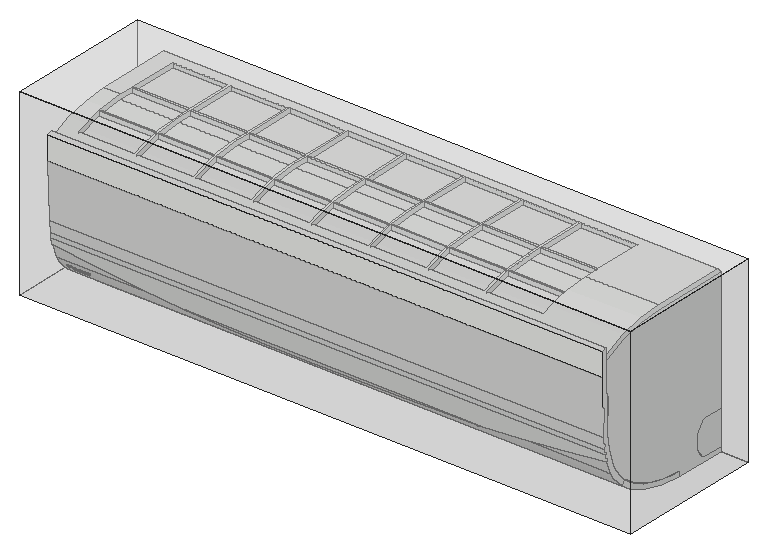
Revit family "outputfile", category 機械設備, Revit 2024
Family settings
  丸型コネクタ寸法 = 半径を使用
  パーツ タイプ = 標準
  OmniClass 番号 = 23.75.10.24.21.27.27
  OmniClass タイトル = Split System Air Conditioning Units
  作業面ベース = いいえ
  常に垂直 = はい
  ロード時にボイドで切り取り = いいえ
  注釈の向きを維持 = いいえ
  共有 = いいえ
  部屋計算ポイント = いいえ
Parameters (values of type "CTKC50SVMV")
  Description = ""
  書き出し IFC クラス(タイプ) = "IfcUnitaryEquipmentType"
  定義済み IFC タイプ(タイプ) = "AIRCONDITIONINGUNIT"
  Cost = 0
  Type Comments = ""
  Keynote = ""
  Type Image = (empty or 0)
  Assembly Code = ""
  w_wall hole = if(Width = 770.0 mm, 48.0 mm, 60.0 mm)  # 60.0 mm
  製造元 = "Daikin"
  モデル = "CTKC50SVMV"
  switch_frequency = yes
  r_Liquid Pipe Size = Liquid Pipe Size / 2  # 3.2 mm
  r_Gas Pipe Size = Gas Pipe Size / 2  # 6.35 mm
  r_Drain Pipe Size = Drain Pipe Size / 2  # 8.0 mm
  lw_powersupply [instance] = if(Width = 770.0 mm, if(or(Rear Right Connection_refrigerant, Bottom Right Connection_refrigerant), 25.0 mm, if(or(Rear Left Connection_refrigerant, Bottom Left Connection_refrigerant), 745.0 mm, 400.0 mm)), if(Width = 990.0 mm, if(or(Rear Right Connection_refrigerant, Bottom Right Connection_refrigerant), 40.0 mm, if(or(Rear Left Connection_refrigerant, Bottom Left Connection_refrigerant), 920.0 mm, 400.0 mm)), if(or(Rear Right Connection_refrigerant, Bottom Right Connection_refrigerant), 40.0 mm, if(or(Rear Left Connection_refrigerant, Bottom Left Connection_refrigerant), 920.0 mm, 400.0 mm))))  # 400.0 mm
  lw_liquidpipe [instance] = if(Width = 770.0 mm, if(or(Rear Right Connection_refrigerant, Bottom Right Connection_refrigerant), 0.0 mm, if(or(Rear Left Connection_refrigerant, Bottom Left Connection_refrigerant), 664.0 mm, 385.0 mm)), if(Width = 990.0 mm, if(or(Rear Right Connection_refrigerant, Bottom Right Connection_refrigerant), 0.0 mm, if(or(Rear Left Connection_refrigerant, Bottom Left Connection_refrigerant), 664.0 mm + (990.0 mm - 770.0 mm), 475.0 mm)), if(or(Rear Right Connection_refrigerant, Bottom Right Connection_refrigerant), 0.0 mm, if(or(Rear Left Connection_refrigerant, Bottom Left Connection_refrigerant), 664.0 mm + (990.0 mm - 770.0 mm), 475.0 mm))))  # 475.0 mm
  lw_gaspipe [instance] = if(Width = 770.0 mm, if(or(Rear Right Connection_refrigerant, Bottom Right Connection_refrigerant), 0.0 mm, if(or(Rear Left Connection_refrigerant, Bottom Left Connection_refrigerant), 675.0 mm, if(Gas Pipe Size = 12.7 mm, 345.0 mm, 335.0 mm))), if(Width = 990.0 mm, if(or(Rear Right Connection_refrigerant, Bottom Right Connection_refrigerant), 10.0 mm, if(or(Rear Left Connection_refrigerant, Bottom Left Connection_refrigerant), 890.0 mm, if(Gas Pipe Size = 15.9 mm, 410.0 mm, 400.0 mm))), if(or(Rear Right Connection_refrigerant, Bottom Right Connection_refrigerant), 10.0 mm, if(or(Rear Left Connection_refrigerant, Bottom Left Connection_refrigerant), 890.0 mm, if(Gas Pipe Size = 15.9 mm, 410.0 mm, 400.0 mm)))))  # 400.0 mm
  lw_drainpipe [instance] = if(Width = 770.0 mm, if(or(Rear Right Connection_refrigerant, Bottom Right Connection_refrigerant), 0.0 mm, if(or(Rear Left Connection_refrigerant, Bottom Left Connection_refrigerant), 770.0 mm - 48.0 mm - 48.0 mm, 440.0 mm)), if(Width = 990.0 mm, if(or(Rear Right Connection_refrigerant, Bottom Right Connection_refrigerant), 0.0 mm, if(or(Rear Left Connection_refrigerant, Bottom Left Connection_refrigerant), 675.0 mm + (990.0 mm - 770.0 mm), 435.0 mm)), if(or(Rear Right Connection_refrigerant, Bottom Right Connection_refrigerant), 0.0 mm, if(or(Rear Left Connection_refrigerant, Bottom Left Connection_refrigerant), 675.0 mm + (990.0 mm - 770.0 mm), 435.0 mm))))  # 435.0 mm
  l_powersupply_length [instance] = if(Width = 770.0 mm, if(Right Connection_refrigerant, 400.0 mm, if(Left Connection_refrigerant, 770.0 mm - 400.0 mm, if(or(Rear Left Connection_refrigerant, Rear Right Connection_refrigerant), 15.0 mm, 50.0 mm))), if(Width = 990.0 mm, if(Right Connection_refrigerant, 400.0 mm, if(Left Connection_refrigerant, 990.0 mm - 400.0 mm, if(or(Rear Left Connection_refrigerant, Rear Right Connection_refrigerant), 15.0 mm, 50.0 mm))), if(Right Connection_refrigerant, 400.0 mm, if(Left Connection_refrigerant, 990.0 mm - 400.0 mm, if(or(Rear Left Connection_refrigerant, Rear Right Connection_refrigerant), 15.0 mm, 50.0 mm)))))  # 400.0 mm
  l_liquidpipe_length [instance] = if(Width = 770.0 mm, if(Right Connection_refrigerant, 433.0 mm, if(Left Connection_refrigerant, 337.0 mm, if(or(Rear Left Connection_refrigerant, Rear Right Connection_refrigerant), 30.0 mm, 40.0 mm))), if(Width = 990.0 mm, if(Right Connection_refrigerant, 535.0 mm, if(Left Connection_refrigerant, 455.0 mm, if(or(Rear Left Connection_refrigerant, Rear Right Connection_refrigerant), 30.0 mm, 40.0 mm))), if(Right Connection_refrigerant, 535.0 mm, if(Left Connection_refrigerant, 455.0 mm, if(or(Rear Left Connection_refrigerant, Rear Right Connection_refrigerant), 30.0 mm, 40.0 mm)))))  # 535.0 mm
  l_gaspipe_length [instance] = if(Width = 770.0 mm, if(Right Connection_refrigerant, if(Gas Pipe Size = 12.7 mm, 393.0 mm, 383.0 mm), if(Left Connection_refrigerant, if(Gas Pipe Size = 12.7 mm, 770.0 mm - 393.0 mm, 770.0 mm - 383.0 mm), if(or(Rear Left Connection_refrigerant, Rear Right Connection_refrigerant), 40.0 mm, 50.0 mm))), if(Width = 990.0 mm, if(Right Connection_refrigerant, if(Gas Pipe Size = 15.9 mm, 470.0 mm, 460.0 mm), if(Left Connection_refrigerant, if(Gas Pipe Size = 15.9 mm, 990.0 mm - 470.0 mm, 990.0 mm - 460.0 mm), if(or(Rear Left Connection_refrigerant, Rear Right Connection_refrigerant), 40.0 mm, 50.0 mm))), if(Right Connection_refrigerant, if(Gas Pipe Size = 15.9 mm, 470.0 mm, 460.0 mm), if(Left Connection_refrigerant, if(Gas Pipe Size = 15.9 mm, 990.0 mm - 470.0 mm, 990.0 mm - 460.0 mm), if(or(Rear Left Connection_refrigerant, Rear Right Connection_refrigerant), 40.0 mm, 50.0 mm)))))  # 460.0 mm
  l_drainpipe_length [instance] = if(Width = 770.0 mm, if(Right Connection_refrigerant, 488.0 mm, if(Left Connection_refrigerant, 282.0 mm, if(or(Rear Left Connection_refrigerant, Rear Right Connection_refrigerant), 15.0 mm, 20.0 mm))), if(Width = 990.0 mm, if(Right Connection_refrigerant, 495.0 mm, if(Left Connection_refrigerant, 495.0 mm, if(or(Rear Left Connection_refrigerant, Rear Right Connection_refrigerant), 15.0 mm, 20.0 mm))), if(Right Connection_refrigerant, 495.0 mm, if(Left Connection_refrigerant, 495.0 mm, if(or(Rear Left Connection_refrigerant, Rear Right Connection_refrigerant), 15.0 mm, 20.0 mm)))))  # 495.0 mm
  h*** = 0.0 mm  # constant formula
  connector_voltage = Voltage_50Hz  # 230 V
  connector_powerinput = [Power Input (Cooling)]  # 0.000 kW
  connector_phase = Phase_50Hz  # 1
  angle_vertical [instance] = if(or(Bottom Left Connection_refrigerant, Bottom Right Connection_refrigerant), 0.00°, 90.00°)  # 90.00°
  angle_horizontal [instance] = if(Right Connection_refrigerant, 90.00°, if(Left Connection_refrigerant, -90.00°, if(or(Rear Left Connection_refrigerant, Rear Right Connection_refrigerant), 180.00°, 0.00°)))  # 90.00°
  Width = 990.0 mm
  Voltage_comment_50Hz = "220 - 240"
  Voltage_50Hz = 230 V
  Version = "ver.1.0"
  Unit Type = "Wall Mounted"
  Unit Mass Weight = 12.00 kg
  Unit Designation [instance] = ""
  Uniclass2015Version = "Products v1.30"
  Uniclass2015Title = "Split coil room air conditioning units"
  Uniclass2015Code = "Pr_70_65_03_86"
  URL = ""
  Total Cooling Capacity [instance] = 0.000 kW
  Sound Pressure Level_M speed (dBA) = 40
  Sound Pressure Level_L speed (dBA) = 35
  Sound Pressure Level_H speed (dBA) = 44
  Sound Power Level_H speed (dB) = 0
  Series = "Multi Split_Fan Coil Unit"
  Sensible Cooling Capacity [instance] = 0.000 kW
  Refrigerant Type = "R32"
  Power Input (Cooling) = 0.000 kW
  Phase_50Hz = 1
  Option Accessory 3 [instance] = ""
  Option Accessory 2 [instance] = ""
  Option Accessory 1 [instance] = ""
  Nominal Cooling Capacity = 5.000 kW
  Minimum Circuit Amps_50Hz = 0.0 A
  Minimum Airflow = 900.00 m³/h
  Median Airflow = 1030.00 m³/h
  Maximum Fuse Amps_50Hz = 0.0 A
  Maximum Airflow = 1150.00 m³/h
  Material_Casing = DAIKIN_White_Casing_indoorunit
  Load Classification = HVAC
  Liquid Pipe Size = 6.4 mm
  Link_Nested Family [instance] = ""
  IfcVersion = ""
  IfcExportType = "AIRCONDITIONINGUNIT"
  IfcExportAs = "IfcUnitaryEquipmentType"
  Height = 295.0 mm
  Heat Exchanger Type = "Cross Fin Coil"
  Gas Pipe Size = 12.7 mm
  Frequency_50Hz = 50 Hz
  Fan Type = "Cross Flow Fan"
  Fan Drive = "Direct Drive"
  FCU Tag No. [instance] = ""
  Drain Pipe Size = 16.0 mm
  Design Supply Airflow [instance] = 0.00 m³/h
  Depth = 263.0 mm
  既定の高さ = 0.0 mm
  Cooling Entering Wet Bulb Temperature [instance] = 0.00 °C
  Cooling Entering Dry Bulb Temperature [instance] = 0.00 °C
  Cooling Ambient Wet Bulb Temperature [instance] = 0.00 °C
  Cooling Ambient Dry Bulb Temperature [instance] = 0.00 °C
  Clearance visibility [instance] = yes
  Clearance Top = 30.0 mm
  Clearance Right = 50.0 mm
  Clearance Rear = 0.0 mm
  Clearance Left = 50.0 mm
  Clearance Front = 0.0 mm
  Clearance Bottom = 0.0 mm
  Bottom Right Connection_refrigerant [instance] = no
  Bottom Left Connection_refrigerant [instance] = no
  Rear Right Connection_refrigerant [instance] = no
  Rear Left Connection_refrigerant [instance] = no
  Right Connection_refrigerant [instance] = yes
  Left Connection_refrigerant [instance] = no
Reference planes
  plane 1 "Back": y = 0
  plane 2: z = 0
  plane 3 "Center (Left/Right)": x = 0
  plane 4 "Center (Front/Back)": y = -131.5
  plane 5 "Front": y = -263
  plane 6 "Left": x = -495
  plane 7 "Right": x = 495
  plane 8 "Top": z = 0
  plane 9 "Bottom": z = -295
  plane 10: x = -545
  plane 11: x = 545
  plane 12: y = 0
  plane 13: y = -263
  plane 14: z = 30
  plane 15: z = -295
  plane 16 "lw_Piping and Wiring intake": x = 435
  plane 17 "lw_gaspipe": x = 35
  plane 18 "lw_liquidpipe": x = -40
  plane 19 "lw_drainpipe": x = 0
  plane 20 "lh_drainpipe": z = -275
  plane 21 "lh_liquidpipe": z = -255
  plane 22 "lh_gaspipe": z = -245
  plane 23 "ld_drainpipe": y = -15
  plane 24 "ld_liquidpipe": y = -30
  plane 25 "ld_gaspipe": y = -40
  plane 26 "lw_powersupply": x = 95
Dimensions and locks
  equal spacing: plane 6 "Left", plane 3 "Center (Left/Right)", plane 7 "Right"
  "Width": plane 6 "Left" to plane 7 "Right"
  equal spacing: plane 5 "Front", plane 4 "Center (Front/Back)", plane 1 "Back"
  "Depth": plane 5 "Front" to plane 1 "Back"
  "Height": plane 8 "Top" to plane 9 "Bottom"
  "Clearance Rear": plane 12 to plane 1 "Back"
  "Clearance Front": plane 13 to plane 5 "Front"
  "Clearance Top": plane 14 to plane 8 "Top"
  "Clearance Bottom": plane 9 "Bottom" to plane 15
  "w_wall hole": plane 16 "lw_Piping and Wiring intake" to plane 7 "Right"
  "lw_gaspipe": plane 17 "lw_gaspipe" to plane 16 "lw_Piping and Wiring intake"
  "lw_liquidpipe": plane 18 "lw_liquidpipe" to plane 16 "lw_Piping and Wiring intake"
  "lw_drainpipe": plane 19 "lw_drainpipe" to plane 16 "lw_Piping and Wiring intake"
  locked: plane 20 "lh_drainpipe" to plane 9 "Bottom" at 20
  locked: plane 21 "lh_liquidpipe" to plane 9 "Bottom" at 40
  locked: plane 22 "lh_gaspipe" to plane 9 "Bottom" at 50
  locked: plane 23 "ld_drainpipe" to plane 1 "Back" at 15
  locked: plane 1 "Back" to plane 24 "ld_liquidpipe" at 30
  locked: plane 1 "Back" to plane 25 "ld_gaspipe" at 40
  "lw_powersupply": plane 26 "lw_powersupply" to plane 7 "Right"
  "Clearance Right": plane 7 "Right" to plane 11
  "Clearance Left": plane 10 to plane 6 "Left"
  aligned and locked: level to plane 2
  aligned and locked: plane 12 to nested 1
  aligned and locked: nested 1 to plane 13
  aligned and locked: plane 10 to nested 1
  aligned and locked: plane 11 to nested 1
  aligned and locked: plane 15 to nested 1
  aligned and locked: plane 14 to nested 1
  aligned and locked: plane 17 "lw_gaspipe" to nested 2
  aligned and locked: nested 2 to plane 25 "ld_gaspipe"
  aligned and locked: plane 18 "lw_liquidpipe" to nested 3
  aligned and locked: nested 3 to plane 24 "ld_liquidpipe"
  aligned and locked: plane 19 "lw_drainpipe" to nested 4
  aligned and locked: nested 4 to plane 23 "ld_drainpipe"
  aligned and locked: nested 5 to plane 23 "ld_drainpipe"
  aligned and locked: plane 26 "lw_powersupply" to nested 5
  aligned and locked: level to plane 8 "Top"
  aligned and locked: plane 3 "Center (Left/Right)" to nested 6
  aligned and locked: plane 1 "Back" to nested 6
  aligned and locked: plane 8 "Top" to nested 6
Nested families
  nested 1: "daikin_clearancespace" at (0, -131.5, -132.381), show <- "Clearance visibility", visible <- "Clearance visibility", Link_Nested Family <- "Link_Nested Family", type "daikin_clearancespace"
    with width 1090.0 mm, show yes, height 325.0 mm, depth 263.0 mm, Link_Nested Family ""
  nested 2: "daikin_connector_rotate3" at (35, -40, -245), angle_vertical <- "angle_vertical", angle_horizontal <- "angle_horizontal", length <- "l_gaspipe_length", radius <- "r_Gas Pipe Size", type "daikin_connector_rotate3"
    with show no, radius 6.35 mm, length 460.0 mm, angle_vertical 90.00°, angle_horizontal 90.00°
  nested 3: "daikin_connector_rotate3" at (-40, -30, -255), angle_vertical <- "angle_vertical", angle_horizontal <- "angle_horizontal", radius <- "r_Liquid Pipe Size", length <- "l_liquidpipe_length", type "daikin_connector_rotate3"
    with show no, radius 3.2 mm, length 535.0 mm, angle_vertical 90.00°, angle_horizontal 90.00°
  nested 4: "daikin_connector_rotate3" at (0, -15, -275), angle_vertical <- "angle_vertical", angle_horizontal <- "angle_horizontal", length <- "l_drainpipe_length", radius <- "r_Drain Pipe Size", type "daikin_connector_rotate3"
    with show no, radius 8.0 mm, length 495.0 mm, angle_vertical 90.00°, angle_horizontal 90.00°
  nested 5: "daikin_connector_rotate3" at (95, -15, -245), angle_vertical <- "angle_vertical", angle_horizontal <- "angle_horizontal", length <- "l_powersupply_length", type "daikin_connector_rotate3"
    with show no, radius 10.0 mm, length 400.0 mm, angle_vertical 90.00°, angle_horizontal 90.00°
  nested 6: "DAIKIN_indoorunit_CTKC-SVMV" at (-31, 0, 0), type "CTKC-SVMV"
Connectors
  piping at (495, -40, -245), diameter 12.7, driven by "r_Gas Pipe Size"
    settings: on nested 2, index 1, connector inside diameter 609.6 mm, connector length 0.0 mm, flow factor 0, pipe flow 0.00 m³/h, pressure drop 0.0 Pa, fitting loss kfactor 0, connector angle 0.00°, fixture units 0, engagement length 0.0 mm, angle of deflection 0.00°, flow configuration 1, flow direction 2, fitting loss method 0, system type 29, joint type 0, gender type 0, connector reference index -1, connector utility 0, adjustable connector no, is connector primary yes, connector description "Refrigerant Gas Piping"
  piping at (495, -30, -255), diameter 6.4, driven by "r_Liquid Pipe Size"
    settings: on nested 3, index 2, connector inside diameter 609.6 mm, connector length 0.0 mm, flow factor 0, pipe flow 0.00 m³/h, pressure drop 0.0 Pa, fitting loss kfactor 0, connector angle 0.00°, fixture units 0, engagement length 0.0 mm, angle of deflection 0.00°, flow configuration 1, flow direction 1, fitting loss method 0, system type 29, joint type 0, gender type 0, connector reference index -1, connector utility 0, adjustable connector no, is connector primary no, connector description "Refrigerant Liquid Piping"
  piping at (495, -15, -275), diameter 16, driven by "r_Drain Pipe Size"
    settings: on nested 4, index 3, connector inside diameter 609.6 mm, connector length 0.0 mm, flow factor 0, pipe flow 0.00 m³/h, pressure drop 0.0 Pa, fitting loss kfactor 0, connector angle 0.00°, fixture units 0, engagement length 0.0 mm, angle of deflection 0.00°, flow configuration 1, flow direction 2, fitting loss method 4, system type 16, joint type 0, gender type 0, connector reference index -1, connector utility 0, adjustable connector no, is connector primary no, connector description "Condensate Drain Piping"
  electrical at (495, -15, -245), driven by "Load Classification", driven by "connector_voltage", driven by "connector_powerinput", driven by "connector_phase"
    settings: on nested 5, index 4, voltage 230 V, apparent load 0 VA, apparent load phase1 0 VA, apparent load phase2 0 VA, apparent load phase3 0 VA, power factor 1, load classification "HVAC", number of poles 1, system type 30, power factor state 1, is connector primary yes, connector utility no, sub classification motor no, connector description "Power Supply"
Definition of nested family "daikin_clearancespace"
  Parameters (values of type "daikin_clearancespace")
    Description = "daikin_clearancespace"
    width [instance] = 1823.963 mm
    show [instance] = yes
    material = none
    height [instance] = 1359.762 mm
    depth [instance] = 880.0 mm
    Default Elevation = 0.0 mm
    Link_Nested Family [instance] = ""
  Reference planes
    plane 1 "Center (Front/Back)": y = 0
    plane 2 "Center (Elevation)": z = -0.119
    plane 3 "Center (Left/Right)": x = 0
    plane 4: y = 440
    plane 5: y = -440
    plane 6 "Right": x = 911.982
    plane 7 "Left": x = -911.982
    plane 8 "Top": z = 679.762
    plane 9 "Bottom": z = -680
  Forms (mm)
    Extrusion 1, solid, material <- "material", visible <- "show"
      sketch origin (0, 0, 0) x (1, 0, 0) y (0, 1, 0)
        loop
          line (-911.982, 440) -> (-911.982, -440) -> (911.982, -440) -> (911.982, 440) -> (-911.982, 440)
      from -680 to 679.762
  Lines and regions (mm)
    symbolic lines, visible <- "show"
      curve 1: line (911.982, 440, 0) -> (-911.982, 440, 0)
      curve 2: line (-911.982, 440, 0) -> (-911.982, -440, 0)
      curve 3: line (-911.982, -440, 0) -> (911.982, -440, 0)
      curve 4: line (911.982, -440, 0) -> (911.982, 440, 0)
      curve 5: line (911.982, 0, 679.762) -> (-911.982, 0, 679.762)
      curve 6: line (911.982, 0, -680) -> (911.982, 0, 679.762)
      curve 7: line (-911.982, 0, -680) -> (911.982, 0, -680)
      curve 8: line (-911.982, 0, 679.762) -> (-911.982, 0, -680)
      curve 9: line (0, 440, 679.762) -> (0, -440, 679.762)
      curve 10: line (0, -440, 679.762) -> (0, -440, -680)
      curve 11: line (0, 440, -680) -> (0, 440, 679.762)
      curve 12: line (0, -440, -680) -> (0, 440, -680)
  Dimensions and locks
    "width": plane 7 "Left" to plane 6 "Right"
    "depth": plane 4 to plane 5
    "height": plane 8 "Top" to plane 9 "Bottom"
    equal spacing: plane 7 "Left", plane 3 "Center (Left/Right)", plane 6 "Right"
    equal spacing: plane 4, plane 1 "Center (Front/Back)", plane 5
    equal spacing: plane 8 "Top", plane 2 "Center (Elevation)", plane 9 "Bottom"
    aligned and locked: level to plane 2 "Center (Elevation)"
    aligned and locked: Extrusion 1 sketch curve to plane 4
    aligned and locked: plane 7 "Left" to Extrusion 1 sketch curve
    aligned and locked: Extrusion 1 sketch curve to plane 5
    aligned and locked: Extrusion 1 sketch curve to plane 6 "Right"
    aligned and locked: plane 8 "Top" to Extrusion 1
    aligned and locked: curve 1 to Extrusion 1
    aligned and locked: curve 2 to Extrusion 1
    aligned and locked: curve 3 to Extrusion 1
    aligned and locked: curve 4 to Extrusion 1
    aligned and locked: curve 5 to Extrusion 1
    aligned and locked: curve 6 to Extrusion 1
    aligned and locked: curve 7 to Extrusion 1
    aligned and locked: curve 8 to Extrusion 1
    aligned and locked: curve 9 to Extrusion 1
    aligned and locked: curve 10 to Extrusion 1
    aligned and locked: curve 11 to Extrusion 1
    aligned and locked: curve 12 to Extrusion 1
    aligned and locked: Extrusion 1 to plane 9 "Bottom"
Definition of nested family "DAIKIN_indoorunit_CTKC-SVMV"
  Parameters (values of type "FTKM-QVMA")
    Material_Casing = none
    Default Elevation = 0.0 mm
  Reference planes
    plane 1 "Center (Front/Back)": y = 0
    plane 2 "reference_level": z = 0
    plane 3 "Center (Left/Right)": x = 31
    plane 4: x = -464
    plane 5: x = 526
    plane 6: z = -295
  Forms (mm)
    Extrusion 1, solid, material <- "Material_Casing"
      sketch origin (31, 0, 0) x (1, 0, 0) y (0, 0, 1)
        loop
          circle (435, -250.5) r 40
        loop
          circle (-447, -250.5) r 40
      from 0 to 5
    Extrusion 2, solid, material <- "Material_Casing"
      sketch origin (31, 0, 0) x (0, 1, 0) y (0, 0, 1)
        loop
          line (-5, 0) -> (-138, 0)
          arc (-138, 0) -> (-197.611, -7.211) -> (-253.783, -28.427) r 250
          arc (-253.783, -28.427) -> (-253.838, -32.687) -> (-253.886, -36.946) r 2191
          arc (-253.886, -36.946) -> (-197.73, -15.346) -> (-138.014, -8) r 246.393
          line (-138.014, -8) -> (0, -8) -> (-5, 0)
      from -495 to 495
    Extrusion 3, solid, material <- "Material_Casing"
      sketch origin (418, 1296.25, 1200) x (0, 1, 0) y (0, 0, 1)
        loop
          arc (-1515.208, -1454.149) -> (-1506.856, -1460.599) -> (-1497.925, -1466.219) r 110
          arc (-1497.925, -1466.219) -> (-1445.718, -1487.493) -> (-1389.844, -1494.995) r 223
          line (-1389.844, -1494.995) -> (-1389.844, -1486.086) -> (-1404.386, -1486.086)
          arc (-1404.386, -1486.086) -> (-1449.542, -1477.46) -> (-1491.818, -1459.402) r 214.289
          arc (-1491.818, -1459.402) -> (-1501.056, -1453.541) -> (-1509.606, -1446.715) r 101
          line (-1509.606, -1446.715) -> (-1515.208, -1454.149)
      from 108 to 57.5
    Extrusion 4, solid, material <- "Material_Casing"
      sketch origin (31, 0, 0) x (0, 1, 0) y (0, 0, 1)
        loop
          line (-263, -19.962) -> (-263, -61.6)
          arc (-263, -61.6) -> (-262.414, -110.219) -> (-260.656, -158.81) r 2017.341
          arc (-260.656, -158.81) -> (-255.648, -191.935) -> (-244.041, -223.362) r 164.725
          arc (-244.041, -223.362) -> (-233.569, -239.793) -> (-219.717, -253.495) r 87.379
          line (-219.717, -253.495) -> (-214.706, -246.846)
          arc (-214.706, -246.846) -> (-229.564, -230.029) -> (-240.385, -210.371) r 102
          arc (-240.385, -210.371) -> (-249.049, -182.962) -> (-252.848, -154.467) r 165.789
          arc (-252.848, -154.467) -> (-254.771, -90.102) -> (-254.74, -25.708) r 2122.533
          arc (-254.74, -25.708) -> (-254.671, -21.469) -> (-254.594, -17.23) r 2192
          line (-254.594, -17.23) -> (-263, -19.962)
      from -495 to 495
    Extrusion 5, void
      sketch origin (33, 0, 0) x (1, 0, 0) y (0, 1, 0)
        loop
          line (-466.909, -22.316) -> (-466.909, -111.341) -> (-366.303, -111.341) -> (-366.303, -22.316) -> (-466.909, -22.316)
        loop
          line (-362.71, -22.316) -> (-362.71, -111.341) -> (-262.103, -111.341) -> (-262.103, -22.316) -> (-362.71, -22.316)
        loop
          line (-258.51, -22.316) -> (-258.51, -111.341) -> (-157.904, -111.341) -> (-157.904, -22.316) -> (-258.51, -22.316)
        loop
          line (-154.31, -22.316) -> (-154.31, -111.341) -> (-53.704, -111.341) -> (-53.704, -22.316) -> (-154.31, -22.316)
        loop
          line (-50.11, -22.316) -> (-50.11, -111.341) -> (50.496, -111.341) -> (50.496, -22.316) -> (-50.11, -22.316)
        loop
          line (54.089, -22.316) -> (54.089, -111.341) -> (154.696, -111.341) -> (154.696, -22.316) -> (54.089, -22.316)
        loop
          line (158.289, -22.316) -> (158.289, -111.341) -> (258.895, -111.341) -> (258.895, -22.316) -> (158.289, -22.316)
        loop
          line (262.489, -22.316) -> (262.489, -111.341) -> (363.095, -111.341) -> (363.095, -22.316) -> (262.489, -22.316)
        loop
          line (-466.909, -114.459) -> (-466.909, -185.059) -> (-366.303, -185.059) -> (-366.303, -114.459) -> (-466.909, -114.459)
        loop
          line (-362.71, -114.459) -> (-362.71, -185.059) -> (-262.103, -185.059) -> (-262.103, -114.459) -> (-362.71, -114.459)
        loop
          line (-258.51, -114.459) -> (-258.51, -185.059) -> (-157.904, -185.059) -> (-157.904, -114.459) -> (-258.51, -114.459)
        loop
          line (-154.31, -114.459) -> (-154.31, -185.059) -> (-53.704, -185.059) -> (-53.704, -114.459) -> (-154.31, -114.459)
        loop
          line (-50.11, -114.459) -> (-50.11, -185.059) -> (50.496, -185.059) -> (50.496, -114.459) -> (-50.11, -114.459)
        loop
          line (54.089, -114.459) -> (54.089, -185.059) -> (154.696, -185.059) -> (154.696, -114.459) -> (54.089, -114.459)
        loop
          line (158.289, -114.459) -> (158.289, -185.059) -> (258.895, -185.059) -> (258.895, -114.459) -> (158.289, -114.459)
        loop
          line (262.489, -114.459) -> (262.489, -185.059) -> (363.095, -185.059) -> (363.095, -114.459) -> (262.489, -114.459)
        loop
          line (-466.909, -187.382) -> (-466.909, -232.681) -> (-366.303, -232.681) -> (-366.303, -187.382) -> (-466.909, -187.382)
        loop
          line (-362.71, -187.382) -> (-362.71, -232.681) -> (-262.103, -232.681) -> (-262.103, -187.382) -> (-362.71, -187.382)
        loop
          line (-258.51, -187.382) -> (-258.51, -232.681) -> (-157.904, -232.681) -> (-157.904, -187.382) -> (-258.51, -187.382)
        loop
          line (-154.31, -187.382) -> (-154.31, -232.681) -> (-53.704, -232.681) -> (-53.704, -187.382) -> (-154.31, -187.382)
        loop
          line (-50.11, -187.382) -> (-50.11, -232.681) -> (50.496, -232.681) -> (50.496, -187.382) -> (-50.11, -187.382)
        loop
          line (54.089, -187.382) -> (54.089, -232.681) -> (154.696, -232.681) -> (154.696, -187.382) -> (54.089, -187.382)
        loop
          line (158.289, -187.382) -> (158.289, -232.681) -> (258.895, -232.681) -> (258.895, -187.382) -> (158.289, -187.382)
        loop
          line (262.489, -187.382) -> (262.489, -232.681) -> (363.095, -232.681) -> (363.095, -187.382) -> (262.489, -187.382)
      from -40.013 to 47.268
    Extrusion 6, void
      sketch origin (33, 0, 2300) x (1, 0, 0) y (0, 0, 1)
        loop
          line (705, -2672.872) -> (705, -2462.4)
          arc (705, -2462.4) -> (-2.043, -2534.819) -> (-709, -2461.567) r 3467.757
          line (-709, -2461.567) -> (-709, -2672.872) -> (705, -2672.872)
      from 173 to 315.3
    Extrusion 7, solid, material <- "Material_Casing"
      sketch origin (-356, 1296.25, 1200) x (0, 1, 0) y (0, 0, -1)
        loop
          line (-1515.208, 1454.149) -> (-1509.606, 1446.715)
          arc (-1509.606, 1446.715) -> (-1501.056, 1453.541) -> (-1491.818, 1459.402) r 101
          arc (-1491.818, 1459.402) -> (-1449.542, 1477.46) -> (-1404.386, 1486.086) r 214.289
          line (-1404.386, 1486.086) -> (-1389.844, 1486.086) -> (-1389.844, 1494.995)
          arc (-1389.844, 1494.995) -> (-1445.718, 1487.493) -> (-1497.925, 1466.219) r 223
          arc (-1497.925, 1466.219) -> (-1506.856, 1460.599) -> (-1515.208, 1454.149) r 110
      from 108 to 61
    Extrusion 8, solid, material <- "Material_Casing"
      sketch origin (418, 1296.25, 1200) x (0, 1, 0) y (0, 0, 1)
        loop
          arc (-1515.208, -1454.149) -> (-1506.856, -1460.599) -> (-1497.925, -1466.219) r 110
          arc (-1497.925, -1466.219) -> (-1463.185, -1482.066) -> (-1426.25, -1491.755) r 223
          line (-1426.25, -1491.755) -> (-1426.25, -1483.166)
          arc (-1426.25, -1483.166) -> (-1460.008, -1473.969) -> (-1491.818, -1459.402) r 214.289
          arc (-1491.818, -1459.402) -> (-1501.056, -1453.541) -> (-1509.606, -1446.715) r 101
          line (-1509.606, -1446.715) -> (-1515.208, -1454.149)
      from 56.5 to -36.993
    Extrusion 9, solid, material <- "Material_Casing"
      sketch origin (418, 1296.25, 1200) x (0, 1, 0) y (0, 0, 1)
        loop
          arc (-1426.25, -1483.166) -> (-1443.442, -1479.224) -> (-1460.25, -1473.881) r 214.289
          line (-1460.25, -1473.881) -> (-1460.25, -1483.089)
          arc (-1460.25, -1483.089) -> (-1443.421, -1488.091) -> (-1426.25, -1491.755) r 223
          line (-1426.25, -1491.755) -> (-1426.25, -1483.166)
      from -43.493 to -828.893
    Extrusion 10, solid, material <- "Material_Casing"
      sketch origin (418, 1296.25, 1200) x (0, 1, 0) y (0, 0, 1)
        loop
          arc (-1515.208, -1454.149) -> (-1506.856, -1460.599) -> (-1497.925, -1466.219) r 110
          arc (-1497.925, -1466.219) -> (-1479.479, -1475.527) -> (-1460.25, -1483.089) r 223
          line (-1460.25, -1483.089) -> (-1460.25, -1473.881)
          arc (-1460.25, -1473.881) -> (-1476.328, -1467.282) -> (-1491.818, -1459.402) r 214.289
          arc (-1491.818, -1459.402) -> (-1501.056, -1453.541) -> (-1509.606, -1446.715) r 101
          line (-1509.606, -1446.715) -> (-1515.208, -1454.149)
      from -43.493 to -828.893
    Extrusion 11, solid, material <- "Material_Casing"
      sketch origin (31, 0, 0) x (0, 1, 0) y (0, 0, 1)
        loop
          arc (-217.78, -250.924) -> (-234.088, -233.307) -> (-245.826, -212.366) r 102
          arc (-245.826, -212.366) -> (-251.608, -196.062) -> (-255.659, -179.245) r 165.789
          line (-255.659, -179.245) -> (-258.299, -179.737)
          arc (-258.299, -179.737) -> (-257.524, -183.799) -> (-256.646, -187.84) r 164.725
          arc (-256.646, -187.84) -> (-252.868, -206.25) -> (-249.973, -224.82) r 393.089
          arc (-249.973, -224.82) -> (-239.237, -236.969) -> (-227.451, -248.102) r 180
          arc (-227.451, -248.102) -> (-223.723, -250.998) -> (-219.717, -253.495) r 45.878
          line (-219.717, -253.495) -> (-217.78, -250.924)
      from -495 to 495
    Extrusion 12, solid, material <- "Material_Casing"
      sketch origin (31, 0, -30) x (0, 1, 0) y (0, 0, 1)
        loop
          line (0, 22) -> (-138.014, 22)
          arc (-138.014, 22) -> (-197.73, 14.654) -> (-253.886, -6.946) r 246.393
          arc (-253.886, -6.946) -> (-253.682, -65.635) -> (-251.855, -124.295) r 2120.935
          arc (-251.855, -124.295) -> (-248.086, -152.682) -> (-239.461, -179.988) r 164.789
          arc (-239.461, -179.988) -> (-228.903, -199.231) -> (-214.437, -215.738) r 101
          line (-214.437, -215.738) -> (-212.406, -216.221)
          arc (-212.406, -216.221) -> (-204.07, -222.837) -> (-195.079, -228.53) r 100
          arc (-195.079, -228.53) -> (-145.557, -248.629) -> (-92.593, -255.785) r 213.289
          line (-92.593, -255.785) -> (-92.593, -265) -> (0, -265) -> (0, 22)
      from -495 to 495
    Extrusion 13, solid, material <- "Material_Casing"
      sketch origin (526, 1296.25, 1200) x (0, -1, 0) y (0, 0, 1)
        loop
          line (1326.25, -1427.035) -> (1296.25, -1427.035) -> (1296.25, -1487.035) -> (1326.25, -1487.035)
          arc (1326.25, -1487.035) -> (1340.393, -1481.177) -> (1346.25, -1467.035) r 20
          line (1346.25, -1467.035) -> (1346.25, -1447.035)
          arc (1346.25, -1447.035) -> (1340.393, -1432.892) -> (1326.25, -1427.035) r 20
      from 0 to 5
    Extrusion 14, solid, material <- "Material_Casing"
      sketch origin (-459, 1296.25, 1200) x (0, -1, 0) y (0, 0, 1)
        loop
          line (1326.25, -1427.035) -> (1296.25, -1427.035) -> (1296.25, -1487.035) -> (1326.25, -1487.035)
          arc (1326.25, -1487.035) -> (1340.393, -1481.177) -> (1346.25, -1467.035) r 20
          line (1346.25, -1467.035) -> (1346.25, -1447.035)
          arc (1346.25, -1447.035) -> (1340.393, -1432.892) -> (1326.25, -1427.035) r 20
      from 0 to 5
    Extrusion 15, solid, material <- "Material_Casing"
      sketch origin (31, 200, -295) x (-1, 0, 0) y (0, -1, 0)
        loop
          line (469, 200) -> (469, 230)
          arc (469, 230) -> (463.142, 244.142) -> (449, 250) r 20
          line (449, 250) -> (429, 250)
          arc (429, 250) -> (414.858, 244.142) -> (409, 230) r 20
          line (409, 230) -> (409, 200) -> (469, 200)
        loop
          line (-469, 200) -> (-409, 200) -> (-409, 230)
          arc (-409, 230) -> (-414.858, 244.142) -> (-429, 250) r 20
          line (-429, 250) -> (-449, 250)
          arc (-449, 250) -> (-463.142, 244.142) -> (-469, 230) r 20
          line (-469, 230) -> (-469, 200)
      from 0 to 5
  Cuts and joins
    Extrusion 5 cuts Extrusion 2
    Extrusion 6 cuts Extrusion 11
    joined: Extrusion 4, Extrusion 11
  Lines and regions (mm)
    reference lines
      curve 1: line (-523, -240.779, -229.404) -> (-523, -232.411, -239.977)
  Dimensions and locks
    equal spacing: plane 5, plane 3 "Center (Left/Right)", plane 4
    plane 5 to plane 4 = 990.0 mm
    locked: Extrusion 1 sketch curve to plane 4 at 48
    plane 5 to Extrusion 1 sketch curve = 60.0 mm
    plane 2 "reference_level" to plane 6 = 295.0 mm
    locked: Extrusion 1 sketch curve to plane 6 at 44.5  (x2)
    locked: Extrusion 4 to nested 1 at 15
    locked: Extrusion 13 sketch curve to Extrusion 13 sketch curve at 60
    locked: Extrusion 13 sketch curve to Extrusion 13 sketch curve at 50
    locked: Extrusion 14 sketch curve to Extrusion 14 sketch curve at 60
    locked: Extrusion 14 sketch curve to Extrusion 14 sketch curve at 50
    locked: Extrusion 15 sketch curve to Extrusion 15 sketch curve at 60  (x2)
    locked: Extrusion 15 sketch curve to Extrusion 15 sketch curve at 50  (x2)
    diameter of Extrusion 1 sketch curve = 80.0 mm  (x2)
    aligned and locked: level to plane 2 "reference_level"
    aligned and locked: Extrusion 1 to plane 1 "Center (Front/Back)"
    aligned and locked: nested 1 to curve 1
  Automatic sketch dimensions
    curve 1 to curve 1 = 10.573 mm
    curve 1 to curve 1 = 8.368 mm
    Extrusion 6 sketch curve to plane 3 "Center (Left/Right)" = 707.0 mm
    plane 3 "Center (Left/Right)" to Extrusion 6 sketch curve = 2.0 mm
    plane 3 "Center (Left/Right)" to Extrusion 6 sketch curve = 707.0 mm
    Extrusion 6 sketch curve to level = 372.872 mm
    Extrusion 6 sketch curve to level = 162.4 mm
    Extrusion 6 sketch curve to level = 161.567 mm
    Extrusion 2 sketch curve to level = 0.0 mm
    Extrusion 2 sketch curve to plane 1 "Center (Front/Back)" = 0.0 mm
    plane 1 "Center (Front/Back)" to Extrusion 2 sketch curve = 5.0 mm
    Extrusion 2 sketch curve to Extrusion 2 sketch curve = 133.0 mm
    Extrusion 2 sketch curve to Extrusion 2 sketch curve = 0.013 mm
    Extrusion 2 sketch curve to level = 59.292 mm
    Extrusion 2 sketch curve to plane 1 "Center (Front/Back)" = 1937.0 mm
    Extrusion 2 sketch curve to Extrusion 2 sketch curve = 250.0 mm
    Extrusion 2 sketch curve to Extrusion 2 sketch curve = 4.393 mm
    Extrusion 2 sketch curve to level = 8.0 mm
    Extrusion 2 sketch curve to level = 28.427 mm
    plane 1 "Center (Front/Back)" to Extrusion 3 sketch curve = 218.957 mm
    Extrusion 3 sketch curve to Extrusion 3 sketch curve = 5.601 mm
    Extrusion 3 sketch curve to Extrusion 3 sketch curve = 65.735 mm
    Extrusion 3 sketch curve to Extrusion 3 sketch curve = 1.462 mm
    plane 1 "Center (Front/Back)" to Extrusion 3 sketch curve = 108.136 mm
    Extrusion 3 sketch curve to Extrusion 3 sketch curve = 14.543 mm
    plane 1 "Center (Front/Back)" to Extrusion 3 sketch curve = 92.093 mm
    Extrusion 3 sketch curve to Extrusion 3 sketch curve = 1.354 mm
    Extrusion 3 sketch curve to level = 294.995 mm
    Extrusion 3 sketch curve to Extrusion 3 sketch curve = 8.909 mm
    Extrusion 3 sketch curve to Extrusion 3 sketch curve = 31.937 mm
    Extrusion 3 sketch curve to Extrusion 3 sketch curve = 7.433 mm
    Extrusion 3 sketch curve to Extrusion 3 sketch curve = 75.403 mm
    Extrusion 3 sketch curve to Extrusion 3 sketch curve = 0.896 mm
    Extrusion 3 sketch curve to level = 72.504 mm
    Extrusion 3 sketch curve to Extrusion 3 sketch curve = 0.504 mm
    Extrusion 4 sketch curve to level = 19.962 mm
    plane 1 "Center (Front/Back)" to Extrusion 4 sketch curve = 263.0 mm
    Extrusion 4 sketch curve to level = 17.23 mm
    Extrusion 4 sketch curve to Extrusion 4 sketch curve = 8.406 mm
    Extrusion 4 sketch curve to Extrusion 4 sketch curve = 43.283 mm
    Extrusion 4 sketch curve to Extrusion 4 sketch curve = 5.011 mm
    Extrusion 4 sketch curve to Extrusion 4 sketch curve = 49.129 mm
    Extrusion 4 sketch curve to Extrusion 4 sketch curve = 19.417 mm
    Extrusion 4 sketch curve to Extrusion 4 sketch curve = 50.037 mm
    Extrusion 4 sketch curve to Extrusion 4 sketch curve = 8.89 mm
    Extrusion 4 sketch curve to level = 61.6 mm
    Extrusion 4 sketch curve to plane 1 "Center (Front/Back)" = 1754.341 mm
    Extrusion 4 sketch curve to level = 58.909 mm
    Extrusion 4 sketch curve to Extrusion 4 sketch curve = 113.192 mm
    Extrusion 4 sketch curve to Extrusion 4 sketch curve = 69.467 mm
    Extrusion 4 sketch curve to level = 146.886 mm
    Extrusion 4 sketch curve to Extrusion 4 sketch curve = 3.987 mm
    Extrusion 4 sketch curve to Extrusion 4 sketch curve = 20.44 mm
    Extrusion 4 sketch curve to Extrusion 4 sketch curve = 13.597 mm
    Extrusion 4 sketch curve to Extrusion 4 sketch curve = 61.936 mm
    Extrusion 4 sketch curve to Extrusion 4 sketch curve = 6.649 mm
    Extrusion 4 sketch curve to level = 59.438 mm
    Extrusion 4 sketch curve to Extrusion 4 sketch curve = 0.0 mm
    Extrusion 4 sketch curve to Extrusion 4 sketch curve = 0.147 mm
    Extrusion 4 sketch curve to Extrusion 4 sketch curve = 7.808 mm
    plane 1 "Center (Front/Back)" to Extrusion 5 sketch curve = 22.316 mm  (x6)
    Extrusion 5 sketch curve to plane 3 "Center (Left/Right)" = 464.909 mm
    Extrusion 5 sketch curve to Extrusion 5 sketch curve = 0.0 mm  (x27)
    Extrusion 5 sketch curve to Extrusion 5 sketch curve = 100.606 mm  (x7)
    Extrusion 5 sketch curve to Extrusion 5 sketch curve = 3.594 mm  (x16)
    Extrusion 5 sketch curve to plane 3 "Center (Left/Right)" = 51.704 mm
    plane 3 "Center (Left/Right)" to Extrusion 5 sketch curve = 52.496 mm  (x2)
    Extrusion 5 sketch curve to Extrusion 5 sketch curve = 89.026 mm  (x6)
    Extrusion 5 sketch curve to Extrusion 5 sketch curve = 3.117 mm  (x8)
    Extrusion 5 sketch curve to Extrusion 5 sketch curve = 70.6 mm  (x7)
    Extrusion 5 sketch curve to Extrusion 5 sketch curve = 2.324 mm  (x8)
    Extrusion 5 sketch curve to Extrusion 5 sketch curve = 45.299 mm  (x7)
    plane 1 "Center (Front/Back)" to Extrusion 7 sketch curve = 218.957 mm
    Extrusion 7 sketch curve to Extrusion 7 sketch curve = 5.601 mm
    Extrusion 7 sketch curve to Extrusion 7 sketch curve = 65.735 mm
    Extrusion 7 sketch curve to Extrusion 7 sketch curve = 1.462 mm
    plane 1 "Center (Front/Back)" to Extrusion 7 sketch curve = 108.136 mm
    Extrusion 7 sketch curve to Extrusion 7 sketch curve = 14.543 mm
    plane 1 "Center (Front/Back)" to Extrusion 7 sketch curve = 92.093 mm
    Extrusion 7 sketch curve to Extrusion 7 sketch curve = 1.354 mm
    Extrusion 7 sketch curve to level = 72.0 mm
    Extrusion 7 sketch curve to Extrusion 7 sketch curve = 0.504 mm
    Extrusion 7 sketch curve to Extrusion 7 sketch curve = 98.416 mm
    Extrusion 7 sketch curve to Extrusion 7 sketch curve = 0.896 mm
    Extrusion 7 sketch curve to Extrusion 7 sketch curve = 76.3 mm
    Extrusion 7 sketch curve to Extrusion 7 sketch curve = 7.433 mm
    Extrusion 7 sketch curve to Extrusion 7 sketch curve = 26.684 mm
    Extrusion 7 sketch curve to Extrusion 7 sketch curve = 8.909 mm
    plane 1 "Center (Front/Back)" to Extrusion 8 sketch curve = 218.957 mm
    Extrusion 8 sketch curve to Extrusion 8 sketch curve = 5.601 mm
    Extrusion 8 sketch curve to Extrusion 8 sketch curve = 65.735 mm
    Extrusion 8 sketch curve to Extrusion 8 sketch curve = 1.462 mm
    Extrusion 8 sketch curve to Extrusion 8 sketch curve = 83.356 mm
    plane 1 "Center (Front/Back)" to Extrusion 8 sketch curve = 92.093 mm
    Extrusion 8 sketch curve to Extrusion 8 sketch curve = 1.354 mm
    Extrusion 8 sketch curve to level = 291.755 mm
    Extrusion 8 sketch curve to Extrusion 8 sketch curve = 8.588 mm
    Extrusion 8 sketch curve to Extrusion 8 sketch curve = 29.018 mm
    Extrusion 8 sketch curve to Extrusion 8 sketch curve = 7.433 mm
    Extrusion 8 sketch curve to Extrusion 8 sketch curve = 75.403 mm
    Extrusion 8 sketch curve to Extrusion 8 sketch curve = 0.896 mm
    Extrusion 8 sketch curve to level = 72.504 mm
    Extrusion 8 sketch curve to Extrusion 8 sketch curve = 0.504 mm
    plane 1 "Center (Front/Back)" to Extrusion 9 sketch curve = 164.0 mm
    Extrusion 9 sketch curve to Extrusion 9 sketch curve = 34.0 mm
    plane 1 "Center (Front/Back)" to Extrusion 9 sketch curve = 92.093 mm
    Extrusion 9 sketch curve to Extrusion 9 sketch curve = 1.354 mm
    Extrusion 9 sketch curve to level = 291.755 mm
    Extrusion 9 sketch curve to Extrusion 9 sketch curve = 8.588 mm
    Extrusion 9 sketch curve to Extrusion 9 sketch curve = 0.077 mm
    Extrusion 9 sketch curve to Extrusion 9 sketch curve = 9.207 mm
    plane 1 "Center (Front/Back)" to Extrusion 10 sketch curve = 218.957 mm
    Extrusion 10 sketch curve to Extrusion 10 sketch curve = 5.601 mm
    Extrusion 10 sketch curve to Extrusion 10 sketch curve = 49.356 mm
    Extrusion 10 sketch curve to Extrusion 10 sketch curve = 65.735 mm
    Extrusion 10 sketch curve to Extrusion 10 sketch curve = 1.462 mm
    plane 1 "Center (Front/Back)" to Extrusion 10 sketch curve = 92.093 mm
    Extrusion 10 sketch curve to Extrusion 10 sketch curve = 1.354 mm
    Extrusion 10 sketch curve to level = 283.089 mm
    Extrusion 10 sketch curve to Extrusion 10 sketch curve = 9.207 mm
    Extrusion 10 sketch curve to Extrusion 10 sketch curve = 19.733 mm
    Extrusion 10 sketch curve to Extrusion 10 sketch curve = 7.433 mm
    Extrusion 10 sketch curve to Extrusion 10 sketch curve = 75.403 mm
    Extrusion 10 sketch curve to Extrusion 10 sketch curve = 0.896 mm
    Extrusion 10 sketch curve to level = 72.504 mm
    Extrusion 10 sketch curve to Extrusion 10 sketch curve = 0.504 mm
    Extrusion 11 sketch curve to level = 276.055 mm
    plane 1 "Center (Front/Back)" to Extrusion 11 sketch curve = 639.709 mm
    plane 1 "Center (Front/Back)" to Extrusion 11 sketch curve = 258.299 mm
    Extrusion 11 sketch curve to Extrusion 11 sketch curve = 2.64 mm
    Extrusion 11 sketch curve to Extrusion 11 sketch curve = 35.942 mm
    Extrusion 11 sketch curve to Extrusion 11 sketch curve = 1.937 mm
    Extrusion 11 sketch curve to Extrusion 11 sketch curve = 20.299 mm
    Extrusion 11 sketch curve to Extrusion 11 sketch curve = 45.88 mm
    Extrusion 11 sketch curve to Extrusion 11 sketch curve = 41.737 mm
    Extrusion 11 sketch curve to Extrusion 11 sketch curve = 13.741 mm
    Extrusion 11 sketch curve to Extrusion 11 sketch curve = 3.448 mm
    Extrusion 11 sketch curve to level = 253.495 mm
    Extrusion 11 sketch curve to Extrusion 11 sketch curve = 2.571 mm
    Extrusion 11 sketch curve to Extrusion 11 sketch curve = 37.558 mm
    Extrusion 11 sketch curve to Extrusion 11 sketch curve = 33.63 mm
    Extrusion 11 sketch curve to Extrusion 11 sketch curve = 0.492 mm
    Extrusion 11 sketch curve to Extrusion 11 sketch curve = 40.059 mm
    Extrusion 11 sketch curve to Extrusion 11 sketch curve = 22.435 mm
    Extrusion 11 sketch curve to Extrusion 11 sketch curve = 1.992 mm
    Extrusion 11 sketch curve to Extrusion 11 sketch curve = 37.063 mm
    Extrusion 11 sketch curve to Extrusion 11 sketch curve = 0.0 mm
    Extrusion 11 sketch curve to Extrusion 11 sketch curve = 4.147 mm
    Extrusion 12 sketch curve to Extrusion 12 sketch curve = 0.0 mm  (x4)
    Extrusion 12 sketch curve to plane 1 "Center (Front/Back)" = 0.0 mm
    plane 1 "Center (Front/Back)" to Extrusion 12 sketch curve = 87.233 mm
    Extrusion 12 sketch curve to Extrusion 12 sketch curve = 3.506 mm
    Extrusion 12 sketch curve to Extrusion 12 sketch curve = 92.593 mm
    Extrusion 12 sketch curve to Extrusion 12 sketch curve = 45.42 mm
    Extrusion 12 sketch curve to Extrusion 12 sketch curve = 58.927 mm
    Extrusion 12 sketch curve to Extrusion 12 sketch curve = 74.393 mm
    Extrusion 12 sketch curve to Extrusion 12 sketch curve = 2.031 mm
    Extrusion 12 sketch curve to level = 58.927 mm
    Extrusion 12 sketch curve to plane 1 "Center (Front/Back)" = 1866.935 mm
    Extrusion 12 sketch curve to level = 72.504 mm
    Extrusion 12 sketch curve to Extrusion 12 sketch curve = 74.381 mm
    Extrusion 12 sketch curve to Extrusion 12 sketch curve = 24.427 mm
    Extrusion 12 sketch curve to Extrusion 12 sketch curve = 74.426 mm
    Extrusion 12 sketch curve to Extrusion 12 sketch curve = 0.483 mm
    Extrusion 12 sketch curve to Extrusion 12 sketch curve = 4.137 mm
    Extrusion 12 sketch curve to Extrusion 12 sketch curve = 31.393 mm
    Extrusion 12 sketch curve to Extrusion 12 sketch curve = 9.215 mm
    Extrusion 12 sketch curve to level = 8.0 mm
    Extrusion 13 sketch curve to plane 1 "Center (Front/Back)" = 0.0 mm
    Extrusion 13 sketch curve to Extrusion 13 sketch curve = 20.0 mm  (x2)
    Extrusion 13 sketch curve to level = 287.035 mm
    Extrusion 14 sketch curve to plane 1 "Center (Front/Back)" = 0.0 mm
    Extrusion 14 sketch curve to Extrusion 14 sketch curve = 20.0 mm  (x2)
    Extrusion 14 sketch curve to level = 287.035 mm
    plane 1 "Center (Front/Back)" to Extrusion 15 sketch curve = 0.0 mm  (x2)
    plane 3 "Center (Left/Right)" to Extrusion 15 sketch curve = 469.0 mm
    Extrusion 15 sketch curve to Extrusion 15 sketch curve = 20.0 mm  (x4)
    Extrusion 15 sketch curve to plane 3 "Center (Left/Right)" = 409.0 mm
    curve 1 to level = 239.977 mm
    plane 1 "Center (Front/Back)" to curve 1 = 232.411 mm
  Nested families
    nested 1: "daikin_logo_plane_w40" at (-430, -237.74, -233.244) x (1, 0, 0) z (0, -0.7841, -0.6206), type "daikin_logo_plane_w40"
      with show_logo yes
  Definition of nested family "daikin_logo_plane_w40"
    Parameters (values of type "daikin_logo_plane_w40")
      width = 40.0 mm
      show_logo [instance] = yes
      material = none
      height = 0.0 mm
      depth = 0.0 mm
      Default Elevation = 1219.2 mm
    Reference planes
      plane 1 "Center (Front/Back)": y = 0
      plane 2: z = 0
      plane 3 "Center (Left/Right)": x = 0
      plane 4: z = 2
      plane 5 "left": x = -19
      plane 6: x = 19
    Forms (mm)
      Extrusion 1, solid, visible <- "show_logo"
        sketch origin (-19, 0, 0) x (1, 0, 0) y (0, 1, 0)
          loop
            line (8.902, -1.878) -> (7.789, -6.332) -> (11.13, -6.332)
            arc (11.13, -6.332) -> (12.454, -6.064) -> (13.472, -5.176) r 2.642
            arc (13.472, -5.176) -> (13.92, -4.02) -> (13.767, -2.79) r 2.537
            arc (13.767, -2.79) -> (13.452, -2.342) -> (12.982, -2.06) r 1.321
            arc (12.982, -2.06) -> (12.063, -1.902) -> (11.13, -1.878) r 6.479
            line (11.13, -1.878) -> (8.902, -1.878)
          loop
            line (10.016, -5.441) -> (10.907, -5.441)
            arc (10.907, -5.441) -> (11.591, -4.983) -> (11.988, -4.261) r 1.742
            spline (11.988, -4.261) -> (12.01, -4.155) -> (12.027, -4.03) -> (12.037, -3.893) -> (12.037, -3.747) -> (12.026, -3.598) -> (12.002, -3.451) -> (11.962, -3.31) -> (11.905, -3.181) -> (11.829, -3.069) -> (11.731, -2.978) -> (11.61, -2.913) -> (11.464, -2.88)
            line (11.464, -2.88) -> (10.573, -2.88) -> (10.016, -5.441)
          loop
            line (13.58, -6.332) -> (14.805, -6.332) -> (15.223, -5.553) -> (16.977, -5.553) -> (17.144, -6.332) -> (19.149, -6.332) -> (18.258, -1.878) -> (16.03, -1.878) -> (13.58, -6.332)
          loop
            line (16.476, -3.214) -> (15.76, -4.551) -> (16.762, -4.551) -> (16.476, -3.214)
          loop
            line (19.705, -6.332) -> (21.599, -6.332) -> (22.712, -1.878) -> (20.819, -1.878) -> (19.705, -6.332)
          loop
            line (22.712, -6.332) -> (24.606, -6.332) -> (24.908, -5.122) -> (25.831, -6.332) -> (28.17, -6.332) -> (26.388, -3.994) -> (28.949, -1.878) -> (26.945, -1.878) -> (25.401, -3.153) -> (25.719, -1.878) -> (23.826, -1.878) -> (22.712, -6.332)
          loop
            line (29.84, -1.878) -> (28.615, -6.332) -> (30.62, -6.332) -> (31.734, -1.878) -> (29.84, -1.878)
          loop
            line (31.734, -6.332) -> (33.07, -6.332) -> (33.7, -3.814) -> (34.518, -6.332) -> (36.745, -6.332) -> (37.859, -1.878) -> (36.523, -1.878) -> (35.845, -4.589) -> (34.963, -1.878) -> (32.847, -1.878) -> (31.734, -6.332)
        from 0 to 2
      Extrusion 2, solid, visible <- "show_logo"
        sketch origin (-19, 0, 0) x (1, 0, 0) y (0, 1, 0)
          loop
            line (8.7, 0) -> (4.235, 0) -> (0, -3.879) -> (0, -8) -> (8.7, 0)
        from 0 to 2
      Extrusion 3, solid, visible <- "show_logo"
        sketch origin (-19, 0, 0) x (1, 0, 0) y (0, 1, 0)
          loop
            line (0, 0) -> (0, -3.879) -> (4.235, 0) -> (0, 0)
        from 0 to 2
    Dimensions and locks
      plane 4 to plane 2 = 2.0 mm
      equal spacing: plane 5 "left", plane 3 "Center (Left/Right)", plane 6
      locked: plane 5 "left" to plane 6 at 38
      aligned and locked: level to plane 2
      aligned and locked: Extrusion 3 to plane 1 "Center (Front/Back)"  (x2)
      aligned and locked: Extrusion 2 to plane 1 "Center (Front/Back)"  (x2)
      aligned and locked: plane 4 to Extrusion 1
      aligned and locked: plane 4 to Extrusion 3
      aligned and locked: plane 4 to Extrusion 2
      aligned and locked: Extrusion 3 to plane 5 "left"
      aligned and locked: Extrusion 2 to plane 5 "left"
    Automatic sketch dimensions
      Extrusion 1 sketch curve to Extrusion 1 sketch curve = 0.901 mm
      Extrusion 1 sketch curve to Extrusion 1 sketch curve = 1.559 mm
      Extrusion 1 sketch curve to Extrusion 1 sketch curve = 1.327 mm
      Extrusion 1 sketch curve to Extrusion 1 sketch curve = 2.145 mm
      Extrusion 1 sketch curve to Extrusion 1 sketch curve = 1.448 mm
      Extrusion 1 sketch curve to Extrusion 1 sketch curve = 2.116 mm
      Extrusion 1 sketch curve to Extrusion 1 sketch curve = 1.114 mm  (x4)
      Extrusion 1 sketch curve to Extrusion 1 sketch curve = 1.336 mm  (x2)
      plane 1 "Center (Front/Back)" to Extrusion 1 sketch curve = 1.878 mm  (x5)
      Extrusion 1 sketch curve to Extrusion 1 sketch curve = 1.893 mm  (x5)
      Extrusion 1 sketch curve to Extrusion 1 sketch curve = 0.891 mm  (x4)
      Extrusion 1 sketch curve to Extrusion 1 sketch curve = 2.005 mm  (x3)
      Extrusion 1 sketch curve to Extrusion 1 sketch curve = 0.445 mm  (x2)
      plane 1 "Center (Front/Back)" to Extrusion 1 sketch curve = 3.994 mm
      Extrusion 1 sketch curve to Extrusion 1 sketch curve = 0.557 mm  (x2)
      Extrusion 1 sketch curve to Extrusion 1 sketch curve = 2.339 mm  (x2)
      Extrusion 1 sketch curve to Extrusion 1 sketch curve = 1.225 mm  (x3)
      plane 1 "Center (Front/Back)" to Extrusion 1 sketch curve = 3.153 mm
      Extrusion 1 sketch curve to Extrusion 1 sketch curve = 0.987 mm
      plane 1 "Center (Front/Back)" to Extrusion 1 sketch curve = 5.122 mm
      Extrusion 1 sketch curve to Extrusion 1 sketch curve = 0.922 mm
      plane 1 "Center (Front/Back)" to Extrusion 1 sketch curve = 6.332 mm
      Extrusion 1 sketch curve to Extrusion 1 sketch curve = 2.562 mm
      plane 1 "Center (Front/Back)" to Extrusion 1 sketch curve = 5.553 mm
      Extrusion 1 sketch curve to Extrusion 1 sketch curve = 0.167 mm
      Extrusion 1 sketch curve to Extrusion 1 sketch curve = 0.215 mm
      plane 1 "Center (Front/Back)" to Extrusion 1 sketch curve = 3.214 mm
      Extrusion 1 sketch curve to Extrusion 1 sketch curve = 0.286 mm
      plane 1 "Center (Front/Back)" to Extrusion 1 sketch curve = 4.551 mm
      Extrusion 1 sketch curve to Extrusion 1 sketch curve = 1.002 mm
      Extrusion 1 sketch curve to Extrusion 1 sketch curve = 0.537 mm
      Extrusion 1 sketch curve to Extrusion 1 sketch curve = 0.418 mm
      Extrusion 1 sketch curve to Extrusion 1 sketch curve = 1.028 mm
      plane 1 "Center (Front/Back)" to Extrusion 1 sketch curve = 4.261 mm
      Extrusion 1 sketch curve to Extrusion 1 sketch curve = 0.563 mm
      plane 1 "Center (Front/Back)" to Extrusion 1 sketch curve = 2.88 mm
      Extrusion 1 sketch curve to Extrusion 1 sketch curve = 1.088 mm
      Extrusion 1 sketch curve to Extrusion 1 sketch curve = 2.152 mm
      Extrusion 1 sketch curve to Extrusion 1 sketch curve = 0.586 mm
      Extrusion 1 sketch curve to Extrusion 1 sketch curve = 0.118 mm
      Extrusion 1 sketch curve to Extrusion 1 sketch curve = 0.298 mm
      Extrusion 1 sketch curve to Extrusion 1 sketch curve = 0.334 mm
      Extrusion 1 sketch curve to Extrusion 1 sketch curve = 0.223 mm
      Extrusion 1 sketch curve to Extrusion 1 sketch curve = 0.266 mm
      Extrusion 1 sketch curve to Extrusion 1 sketch curve = 1.671 mm
      Extrusion 1 sketch curve to Extrusion 1 sketch curve = 2.227 mm
      Extrusion 1 sketch curve to Extrusion 1 sketch curve = 0.0 mm  (x7)
      Extrusion 1 sketch curve to Extrusion 1 sketch curve = 3.453 mm
      Extrusion 1 sketch curve to Extrusion 1 sketch curve = 2.017 mm
      Extrusion 1 sketch curve to Extrusion 1 sketch curve = 0.78 mm  (x2)
      Extrusion 1 sketch curve to Extrusion 1 sketch curve = 1.743 mm
      Extrusion 1 sketch curve to Extrusion 1 sketch curve = 0.775 mm
      Extrusion 1 sketch curve to Extrusion 1 sketch curve = 0.552 mm
      Extrusion 1 sketch curve to Extrusion 1 sketch curve = 0.014 mm
      Extrusion 1 sketch curve to Extrusion 1 sketch curve = 0.952 mm
      Extrusion 1 sketch curve to Extrusion 1 sketch curve = 1.215 mm
      Extrusion 1 sketch curve to Extrusion 1 sketch curve = 0.108 mm
      plane 1 "Center (Front/Back)" to Extrusion 2 sketch curve = 0.0 mm
      Extrusion 2 sketch curve to plane 3 "Center (Left/Right)" = 19.0 mm
      Extrusion 2 sketch curve to plane 3 "Center (Left/Right)" = 14.765 mm
      Extrusion 2 sketch curve to Extrusion 2 sketch curve = 4.465 mm
      plane 1 "Center (Front/Back)" to Extrusion 2 sketch curve = 3.879 mm
      Extrusion 2 sketch curve to Extrusion 2 sketch curve = 4.12 mm
      plane 1 "Center (Front/Back)" to Extrusion 3 sketch curve = 0.0 mm
      Extrusion 3 sketch curve to plane 3 "Center (Left/Right)" = 19.0 mm
      Extrusion 3 sketch curve to plane 3 "Center (Left/Right)" = 14.765 mm
      plane 1 "Center (Front/Back)" to Extrusion 3 sketch curve = 3.879 mm
      Extrusion 1 sketch curve to plane 3 "Center (Left/Right)" = 11.211 mm
      Extrusion 1 sketch curve to Extrusion 1 sketch curve = 1.782 mm
Definition of nested family "daikin_connector_rotate3"
  Parameters (values of type "daikin_connector_rotate3")
    show [instance] = yes
    radius [instance] = 10.0 mm
    length [instance] = 600.0 mm
    angle_horizontal [instance] = 60.00°
    angle_vertical [instance] = 90.00°
    Default Elevation = 1219.2 mm
  Reference planes
    plane 1 "Center (Front/Back)": y = 0
    plane 2: z = 0
    plane 3 "Center (Left/Right)": x = 0
  Dimensions and locks
    "angle_horizontal": angle plane 3 "Center (Left/Right)" to nested 1
    aligned and locked: level to plane 2
    aligned and locked: plane 1 "Center (Front/Back)" to nested 1  (x2)
    aligned and locked: plane 3 "Center (Left/Right)" to nested 1
  Nested families
    nested 1: "daikin_connector_rotate2" at (0, 0, 0) x (0.5, 0.866, 0) z (0, 0, 1), angle_vertical <- "angle_vertical", length <- "length", radius <- "radius", type "daikin_connector_rotate2"
      with radius 10.0 mm, length 600.0 mm, angle_vertical 90.00°
  Definition of nested family "daikin_connector_rotate2"
    Parameters (values of type "daikin_connector_rotate2")
      show_face = yes
      radius [instance] = 10.0 mm
      length [instance] = 600.0 mm
      d_surface = 10.0 mm
      angle_vertical [instance] = 90.00°
      Default Elevation = 0.0 mm
    Reference planes
      plane 1 "Center (Front/Back)": y = 0
      plane 2: z = 0
      plane 3 "Center (Left/Right)": x = 0
    Forms (mm)
      Extrusion 1, solid, visible <- "show_face"
        sketch origin (0, -600, 0) x (1, 0, 0) y (0, 0, 1)
          loop
            circle (0, 0) r 10
        from 0 to -10
    Lines and regions (mm)
      reference lines
        curve 1: line (0, 0, 0) -> (0, -600, 0)
      symbolic lines
        curve 2: circle (0, 0, 0) r 5 normal (0, 0, 1)
      model lines, visible <- "show_face"
        curve 3: line (0, 0, 0) -> (0, -600, 0)
    Dimensions and locks
      "length": curve 1 to curve 1
      "length": curve 3 to curve 3
      "d_surface": Extrusion 1 to Extrusion 1
      "radius": radius of Extrusion 1 sketch curve
      "angle_vertical": angle curve 1 to plane 1 "Center (Front/Back)"
      "angle_vertical": angle curve 3 to plane 1 "Center (Front/Back)"
      aligned and locked: level to plane 2
      aligned and locked: plane 1 "Center (Front/Back)" to curve 1
      aligned and locked: plane 2 to curve 1
      aligned and locked: plane 1 "Center (Front/Back)" to curve 2
      aligned and locked: plane 3 "Center (Left/Right)" to curve 2
      aligned and locked: plane 1 "Center (Front/Back)" to curve 3
      aligned and locked: plane 2 to curve 3
      aligned and locked: Extrusion 1 to Extrusion 1
    Automatic sketch dimensions
      Extrusion 1 sketch curve to level = 0.0 mm
      Extrusion 1 sketch curve to plane 3 "Center (Left/Right)" = 0.0 mm
      radius of curve 2 = 5.0 mm
